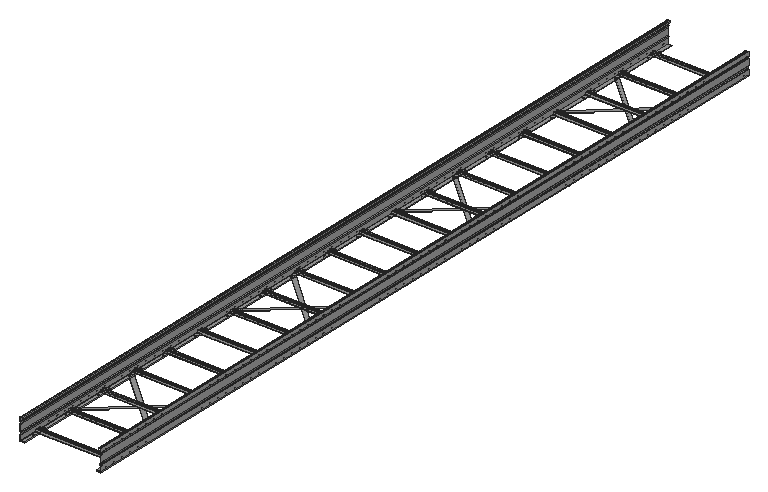
Revit family "WKLG 1660 03.09", category Generic Models, Revit 2017 (continued)
Dimensions and locks
  aligned and locked: Extrusion 162 to cut or joined group 1 (Extrusion 1, Extrusion 2, Extrusion 3, Extrusion 4, Extrusion 5, Extrusion 6, Extrusion 7, Extrusion 8, Extrusion 9, Extrusion 10, Extrusion 11, Extrusion 12, Extrusion 13, Extrusion 14, Extrusion 15, Extrusion 16, Extrusion 17, Extrusion 18, Extrusion 19, Extrusion 20, Extrusion 21, Extrusion 22, Extrusion 23, Extrusion 24, Extrusion 25, Extrusion 26, Extrusion 27, Extrusion 28, Extrusion 29, Extrusion 30, Extrusion 31, Extrusion 32, Extrusion 33, Extrusion 34, Extrusion 35, Extrusion 36, Extrusion 37, Extrusion 38, Extrusion 39, Extrusion 40, Extrusion 41, Extrusion 42, Extrusion 43, Extrusion 44, Extrusion 45, Extrusion 46, Extrusion 47, Extrusion 48, Extrusion 49, Extrusion 50, Extrusion 51, Extrusion 52, Extrusion 53, Extrusion 54, Extrusion 55, Extrusion 56, Extrusion 57, Extrusion 58, Extrusion 59, Extrusion 60, Extrusion 61, Extrusion 62, Extrusion 63, Extrusion 64, Extrusion 65, Extrusion 66, Extrusion 67, Extrusion 68, Extrusion 69, Extrusion 70, Extrusion 71, Extrusion 72, Extrusion 73, Extrusion 74, Extrusion 75, Extrusion 76, Extrusion 77, Extrusion 78, Extrusion 79, Extrusion 80, Extrusion 81, Extrusion 82, Extrusion 83, Extrusion 84, Extrusion 85, Extrusion 86, Extrusion 87, Extrusion 88, Extrusion 89, Extrusion 90, Extrusion 91, Extrusion 92, Extrusion 93, Extrusion 94, Extrusion 95, Extrusion 96, Extrusion 97, Extrusion 98, Extrusion 99, Extrusion 100, Extrusion 101, Extrusion 102, Extrusion 103, Extrusion 104, Extrusion 105, Extrusion 106, Extrusion 107, Extrusion 108, Extrusion 109, Extrusion 110, Extrusion 111, Extrusion 112, Extrusion 113, Extrusion 114, Extrusion 115, Extrusion 116, Extrusion 117, Extrusion 118, Extrusion 119, Extrusion 120, Extrusion 121, Extrusion 122, Extrusion 123, Extrusion 124, Extrusion 125, Extrusion 126, Extrusion 127, Extrusion 128, Extrusion 129, Extrusion 130, Extrusion 131, Extrusion 132, Extrusion 133, Extrusion 134, Extrusion 135, Extrusion 136, Extrusion 137, Extrusion 138, Extrusion 139, Extrusion 140, Extrusion 141, Extrusion 142, Extrusion 143, Extrusion 144, Extrusion 145, Extrusion 146, Extrusion 147, Extrusion 148, Extrusion 149, Extrusion 150, Extrusion 151, Extrusion 152, Extrusion 153, Extrusion 154, Extrusion 155, Extrusion 156, Extrusion 157, Extrusion 158, Extrusion 159, Extrusion 160, Extrusion 161, Extrusion 162, Extrusion 163, Extrusion 164, Extrusion 165, Extrusion 166, Extrusion 167, Extrusion 168, Extrusion 169, Extrusion 170, Extrusion 171, Extrusion 172, Extrusion 173, Extrusion 174, Extrusion 175, Extrusion 176, Extrusion 177, Extrusion 178, Extrusion 179, Extrusion 180, Extrusion 181, Extrusion 182, Extrusion 183, Extrusion 184, Extrusion 185, Extrusion 186, Extrusion 187, Extrusion 188, Extrusion 189, Extrusion 190, Extrusion 191, Extrusion 192, Extrusion 193, Extrusion 194, Extrusion 195, Extrusion 196, Extrusion 197, Extrusion 198, Extrusion 199, Extrusion 200, Extrusion 201, Extrusion 202, Extrusion 203, Extrusion 204, Extrusion 205, Extrusion 206, Extrusion 207, Extrusion 208, Extrusion 209, Extrusion 210, Extrusion 211, Extrusion 212, Extrusion 213, Extrusion 214, Extrusion 215, Extrusion 216, Extrusion 217, Extrusion 218, Extrusion 219, Extrusion 220, Extrusion 221, Extrusion 222, Extrusion 223, Extrusion 224, Extrusion 225, Extrusion 226, Extrusion 227, Extrusion 228, Extrusion 229, Extrusion 230, Extrusion 231, Extrusion 232, Extrusion 233, Extrusion 234, Extrusion 235, Extrusion 236, Extrusion 237, Extrusion 238, Extrusion 239, Extrusion 240, Extrusion 241, Extrusion 242, Extrusion 243, Extrusion 244, Extrusion 245, Extrusion 246, Extrusion 247, Extrusion 248, Extrusion 249, Extrusion 250, Extrusion 251, Extrusion 252, Extrusion 253, Extrusion 254, Extrusion 255, Extrusion 256, Extrusion 257, Extrusion 258, Extrusion 259, Extrusion 260, Extrusion 261, Extrusion 262, Extrusion 263, Extrusion 264, Extrusion 265, Extrusion 266, Extrusion 267, Extrusion 268, Extrusion 269, Extrusion 270, Extrusion 271, Extrusion 272, Extrusion 273, Extrusion 274, Extrusion 275, Extrusion 276, Extrusion 277, Extrusion 278, Extrusion 279, Extrusion 280, Extrusion 281, Extrusion 282, Extrusion 283, Extrusion 284, Extrusion 285, Extrusion 286, Extrusion 287, Extrusion 288, Extrusion 289, Extrusion 290, Extrusion 291, Extrusion 292, Extrusion 293, Extrusion 294, Extrusion 295, Extrusion 296, Extrusion 297, Extrusion 298, Extrusion 299, Extrusion 300, Extrusion 301, Extrusion 302, Extrusion 303, Extrusion 304, Extrusion 305, Extrusion 306, Extrusion 307, Extrusion 308, Extrusion 309, Extrusion 310, Extrusion 311, Extrusion 312, Extrusion 313, Extrusion 314, Extrusion 315, Extrusion 316, Extrusion 317, Extrusion 318, Extrusion 319, Extrusion 320, Extrusion 321, Extrusion 323, Extrusion 324, Extrusion 325, Extrusion 326, Extrusion 327, Extrusion 328, Extrusion 329, Extrusion 330, Extrusion 331, Extrusion 332, Extrusion 333, Extrusion 334, Extrusion 335, Extrusion 336, Extrusion 337, Extrusion 338, Extrusion 339, Extrusion 340, Extrusion 341, Extrusion 342, Extrusion 343, Extrusion 344, Extrusion 345, Extrusion 346, Extrusion 347, Extrusion 348, Extrusion 349, Extrusion 350, Extrusion 351, Extrusion 352, Extrusion 353, Extrusion 354, Extrusion 355, Extrusion 356, Extrusion 357, Extrusion 358, Extrusion 359, Extrusion 360, Extrusion 361, Extrusion 362, Extrusion 363, Extrusion 364, Extrusion 365, Extrusion 366, Extrusion 367, Extrusion 368, Extrusion 369, Extrusion 370, Extrusion 371, Extrusion 372, Extrusion 373, Extrusion 374, Extrusion 375, Extrusion 376, Extrusion 377, Extrusion 378, Extrusion 379, Extrusion 380, Extrusion 381, Extrusion 382, Extrusion 383, Extrusion 384, Extrusion 385, Extrusion 386, Extrusion 387, Extrusion 388, Extrusion 389, Extrusion 390, Extrusion 391, Extrusion 392, Extrusion 393, Extrusion 394, Extrusion 395, Extrusion 396, Extrusion 397, Extrusion 398, Extrusion 399, Extrusion 400, Extrusion 401, Extrusion 402, Extrusion 403, Extrusion 405, Extrusion 407, Extrusion 409, Extrusion 411, Extrusion 413, Extrusion 415, Extrusion 417, Extrusion 419, Extrusion 421, Extrusion 423, Extrusion 425, Extrusion 427, Extrusion 429, Extrusion 431, Extrusion 433, Extrusion 435, Extrusion 437, Extrusion 439, Extrusion 441, Extrusion 443)
  aligned and locked: cut or joined group 1 to Extrusion 242
  aligned and locked: Extrusion 322 sketch curve to Extrusion 322 sketch curve
  aligned and locked: Extrusion 322 to cut or joined group 1  (x2)
  aligned and locked: cut or joined group 1 to cut or joined group of Extrusion 1, Extrusion 2, Extrusion 3, Extrusion 4, Extrusion 5, Extrusion 6, Extrusion 7, Extrusion 8, Extrusion 9, Extrusion 10, Extrusion 11, Extrusion 12, Extrusion 13, Extrusion 14, Extrusion 15, Extrusion 16, Extrusion 17, Extrusion 18, Extrusion 19, Extrusion 20, Extrusion 21, Extrusion 22, Extrusion 23, Extrusion 24, Extrusion 25, Extrusion 26, Extrusion 27, Extrusion 28, Extrusion 29, Extrusion 30, Extrusion 31, Extrusion 32, Extrusion 33, Extrusion 34, Extrusion 35, Extrusion 36, Extrusion 37, Extrusion 38, Extrusion 39, Extrusion 40, Extrusion 41, Extrusion 42, Extrusion 43, Extrusion 44, Extrusion 45, Extrusion 46, Extrusion 47, Extrusion 48, Extrusion 49, Extrusion 50, Extrusion 51, Extrusion 52, Extrusion 53, Extrusion 54, Extrusion 55, Extrusion 56, Extrusion 57, Extrusion 58, Extrusion 59, Extrusion 60, Extrusion 61, Extrusion 62, Extrusion 63, Extrusion 64, Extrusion 65, Extrusion 66, Extrusion 67, Extrusion 68, Extrusion 69, Extrusion 70, Extrusion 71, Extrusion 72, Extrusion 73, Extrusion 74, Extrusion 75, Extrusion 76, Extrusion 77, Extrusion 78, Extrusion 79, Extrusion 80, Extrusion 81, Extrusion 82, Extrusion 83, Extrusion 84, Extrusion 85, Extrusion 86, Extrusion 87, Extrusion 88, Extrusion 89, Extrusion 90, Extrusion 91, Extrusion 92, Extrusion 93, Extrusion 94, Extrusion 95, Extrusion 96, Extrusion 97, Extrusion 98, Extrusion 99, Extrusion 100, Extrusion 101, Extrusion 102, Extrusion 103, Extrusion 104, Extrusion 105, Extrusion 106, Extrusion 107, Extrusion 108, Extrusion 109, Extrusion 110, Extrusion 111, Extrusion 112, Extrusion 113, Extrusion 114, Extrusion 115, Extrusion 116, Extrusion 117, Extrusion 118, Extrusion 119, Extrusion 120, Extrusion 121, E
    xtrusion 122, Extrusion 123, Extrusion 124, Extrusion 125, Extrusion 126, Extrusion 127, Extrusion 128, Extrusion 129, Extrusion 130, Extrusion 131, Extrusion 132, Extrusion 133, Extrusion 134, Extrusion 135, Extrusion 136, Extrusion 137, Extrusion 138, Extrusion 139, Extrusion 140, Extrusion 141, Extrusion 142, Extrusion 143, Extrusion 144, Extrusion 145, Extrusion 146, Extrusion 147, Extrusion 148, Extrusion 149, Extrusion 150, Extrusion 151, Extrusion 152, Extrusion 153, Extrusion 154, Extrusion 155, Extrusion 156, Extrusion 157, Extrusion 158, Extrusion 159, Extrusion 160, Extrusion 161, Extrusion 162, Extrusion 163, Extrusion 164, Extrusion 165, Extrusion 166, Extrusion 167, Extrusion 168, Extrusion 169, Extrusion 170, Extrusion 171, Extrusion 172, Extrusion 173, Extrusion 174, Extrusion 175, Extrusion 176, Extrusion 177, Extrusion 178, Extrusion 179, Extrusion 180, Extrusion 181, Extrusion 182, Extrusion 183, Extrusion 184, Extrusion 185, Extrusion 186, Extrusion 187, Extrusion 188, Extrusion 189, Extrusion 190, Extrusion 191, Extrusion 192, Extrusion 193, Extrusion 194, Extrusion 195, Extrusion 196, Extrusion 197, Extrusion 198, Extrusion 199, Extrusion 200, Extrusion 201, Extrusion 202, Extrusion 203, Extrusion 204, Extrusion 205, Extrusion 206, Extrusion 207, Extrusion 208, Extrusion 209, Extrusion 210, Extrusion 211, Extrusion 212, Extrusion 213, Extrusion 214, Extrusion 215, Extrusion 216, Extrusion 217, Extrusion 218, Extrusion 219, Extrusion 220, Extrusion 221, Extrusion 222, Extrusion 223, Extrusion 224, Extrusion 225, Extrusion 226, Extrusion 227, Extrusion 228, Extrusion 229, Extrusion 230, Extrusion 231, Extrusion 232, Extrusion 233, Extrusion 234, Extrusion 235, Extrusion 236, Extrusion 237, Extrusion 238, Extrusion 239, Extrusion 240, Extrusion 241, Extrusion 242, Extrusion 243, Extrusion 244, Extrusion 245, Extrusion 246, Extrusion 247, Extrusion 248, Extrusion 249, Extrusion 250, Extrusion 251, Extrusion 252, Extrusion 253, Extrusion 254, Extrusion 255, Extrusion 256, Extrusion 257, Extrusion 258, Extrusion 259, Extrusion 260, Extrusion 261, Extrusion 262, Extrusion 263, Extrusion 264, Extrusion 265, Extrusion 266, Extrusion 267, Extrusion 268, Extrusion 269, Extrusion 270, Extrusion 271, Extrusion 272, Extrusion 273, Extrusion 274, Extrusion 275, Extrusion 276, Extrusion 277, Extrusion 278, Extrusion 279, Extrusion 280, Extrusion 281, Extrusion 282, Extrusion 283, Extrusion 284, Extrusion 285, Extrusion 286, Extrusion 287, Extrusion 288, Extrusion 289, Extrusion 290, Extrusion 291, Extrusion 292, Extrusion 293, Extrusion 294, Extrusion 295, Extrusion 296, Extrusion 297, Extrusion 298, Extrusion 299, Extrusion 300, Extrusion 301, Extrusion 302, Extrusion 303, Extrusion 304, Extrusion 305, Extrusion 306, Extrusion 307, Extrusion 308, Extrusion 309, Extrusion 310, Extrusion 311, Extrusion 312, Extrusion 313, Extrusion 314, Extrusion 315, Extrusion 316, Extrusion 317, Extrusion 318, Extrusion 319, Extrusion 320, Extrusion 321, Extrusion 323, Extrusion 324, Extrusion 325, Extrusion 326, Extrusion 327, Extrusion 328, Extrusion 329, Extrusion 330, Extrusion 331, Extrusion 332, Extrusion 333, Extrusion 334, Extrusion 335, Extrusion 336, Extrusion 337, Extrusion 338, Extrusion 339, Extrusion 340, Extrusion 341, Extrusion 342, Extrusion 343, Extrusion 344, Extrusion 345, Extrusion 346, Extrusion 347, Extrusion 348, Extrusion 349, Extrusion 350, Extrusion 351, Extrusion 352, Extrusion 353, Extrusion 354, Extrusion 355, Extrusion 356, Extrusion 357, Extrusion 358, Extrusion 359, Extrusion 360, Extrusion 361, Extrusion 362, Extrusion 363, Extrusion 364, Extrusion 365, Extrusion 366, Extrusion 367, Extrusion 368, Extrusion 369, Extrusion 370, Extrusion 371, Extrusion 372, Extrusion 373, Extrusion 374, Extrusion 375, Extrusion 376, Extrusion 377, Extrusion 378, Extrusion 379, Extrusion 380, Extrusion 381, Extrusion 382, Extrusion 383, Extrusion 384, Extrusion 385, Extrusion 386, Extrusion 387, Extrusion 388, Extrusion 389, Extrusion 390, Extrusion 391, Extrusion 392, Extrusion 393, Extrusion 394, Extrusion 395, Extrusion 396, Extrusion 397, Extrusion 398, Extrusion 399, Extrusion 400, Extrusion 401, Extrusion 402, Extrusion 403, Extrusion 405, Extrusion 407, Extrusion 409, Extrusion 411, Extrusion 413, Extrusion 415, Extrusion 417, Extrusion 419, Extrusion 421, Extrusion 423, Extrusion 425, Extrusion 427, Extrusion 429, Extrusion 431, Extrusion 433, Extrusion 435, Extrusion 437, Extrusion 439, Extrusion 441, Extrusion 443  (x2)
  aligned and locked: Extrusion 404 sketch curve to Extrusion 404 sketch curve
  aligned and locked: cut or joined group of Extrusion 322, Extrusion 403, Extrusion 405, Extrusion 407 to cut or joined group of Extrusion 322, Extrusion 403, Extrusion 405, Extrusion 407  (x2)
  aligned and locked: Extrusion 406 sketch curve to Extrusion 406 sketch curve
  aligned and locked: Extrusion 408 sketch curve to Extrusion 408 sketch curve
  aligned and locked: Extrusion 410 sketch curve to Extrusion 410 sketch curve
  aligned and locked: Extrusion 412 sketch curve to Extrusion 412 sketch curve
  aligned and locked: Extrusion 414 sketch curve to Extrusion 414 sketch curve
  aligned and locked: Extrusion 416 sketch curve to Extrusion 416 sketch curve
  aligned and locked: Extrusion 418 sketch curve to Extrusion 418 sketch curve
  aligned and locked: Extrusion 420 sketch curve to Extrusion 420 sketch curve
  aligned and locked: Extrusion 422 sketch curve to Extrusion 422 sketch curve
  aligned and locked: Extrusion 424 sketch curve to Extrusion 424 sketch curve
  aligned and locked: Extrusion 426 sketch curve to Extrusion 426 sketch curve
  aligned and locked: Extrusion 428 sketch curve to Extrusion 428 sketch curve
  aligned and locked: Extrusion 430 sketch curve to Extrusion 430 sketch curve
  aligned and locked: Extrusion 432 sketch curve to Extrusion 432 sketch curve
  aligned and locked: Extrusion 434 sketch curve to Extrusion 434 sketch curve
  aligned and locked: Extrusion 436 sketch curve to Extrusion 436 sketch curve
  aligned and locked: Extrusion 438 sketch curve to Extrusion 438 sketch curve
  aligned and locked: Extrusion 440 sketch curve to Extrusion 440 sketch curve
  aligned and locked: Extrusion 442 sketch curve to Extrusion 442 sketch curve
  aligned and locked: Extrusion 444 to cut or joined group 1
  aligned and locked: Extrusion 445 to Extrusion 444
  aligned and locked: Extrusion 447 to Extrusion 446
  aligned and locked: Extrusion 449 to Extrusion 448
  aligned and locked: Extrusion 451 to Extrusion 450
Automatic sketch dimensions
  Extrusion 2 sketch curve to Extrusion 2 sketch curve = 0.5 mm  (x4)
  Extrusion 3 sketch curve to Extrusion 3 sketch curve = 0.5 mm  (x4)
  Extrusion 4 sketch curve to Extrusion 4 sketch curve = 0.5 mm  (x4)
  Extrusion 5 sketch curve to Extrusion 5 sketch curve = 0.5 mm  (x4)
  Extrusion 6 sketch curve to Extrusion 6 sketch curve = 0.5 mm  (x4)
  Extrusion 7 sketch curve to Extrusion 7 sketch curve = 0.5 mm  (x4)
  Extrusion 8 sketch curve to Extrusion 8 sketch curve = 0.5 mm  (x4)
  Extrusion 9 sketch curve to Extrusion 9 sketch curve = 0.5 mm  (x4)
  Extrusion 10 sketch curve to Extrusion 10 sketch curve = 0.5 mm  (x4)
  Extrusion 11 sketch curve to Extrusion 11 sketch curve = 0.5 mm  (x4)
  Extrusion 12 sketch curve to Extrusion 12 sketch curve = 0.5 mm  (x4)
  Extrusion 13 sketch curve to Extrusion 13 sketch curve = 0.5 mm  (x4)
  Extrusion 14 sketch curve to Extrusion 14 sketch curve = 0.5 mm  (x4)
  Extrusion 15 sketch curve to Extrusion 15 sketch curve = 0.5 mm  (x4)
  Extrusion 16 sketch curve to Extrusion 16 sketch curve = 0.5 mm  (x4)
  Extrusion 17 sketch curve to Extrusion 17 sketch curve = 0.5 mm  (x4)
  Extrusion 18 sketch curve to Extrusion 18 sketch curve = 0.5 mm  (x4)
  Extrusion 19 sketch curve to Extrusion 19 sketch curve = 0.5 mm  (x4)
  Extrusion 20 sketch curve to Extrusion 20 sketch curve = 0.5 mm  (x4)
  Extrusion 21 sketch curve to Extrusion 21 sketch curve = 0.5 mm  (x4)
  Extrusion 22 sketch curve to Extrusion 22 sketch curve = 0.5 mm  (x4)
  Extrusion 23 sketch curve to Extrusion 23 sketch curve = 0.5 mm  (x4)
  Extrusion 24 sketch curve to Extrusion 24 sketch curve = 0.5 mm  (x4)
  Extrusion 25 sketch curve to Extrusion 25 sketch curve = 0.5 mm  (x4)
  Extrusion 26 sketch curve to Extrusion 26 sketch curve = 0.5 mm  (x4)
  Extrusion 27 sketch curve to Extrusion 27 sketch curve = 0.5 mm  (x4)
  Extrusion 28 sketch curve to Extrusion 28 sketch curve = 0.5 mm  (x4)
  Extrusion 29 sketch curve to Extrusion 29 sketch curve = 0.5 mm  (x4)
  Extrusion 30 sketch curve to Extrusion 30 sketch curve = 0.5 mm  (x4)
  Extrusion 31 sketch curve to Extrusion 31 sketch curve = 0.5 mm  (x4)
  Extrusion 32 sketch curve to Extrusion 32 sketch curve = 0.5 mm  (x4)
  Extrusion 33 sketch curve to Extrusion 33 sketch curve = 0.5 mm  (x4)
  Extrusion 34 sketch curve to Extrusion 34 sketch curve = 0.5 mm  (x4)
  Extrusion 35 sketch curve to Extrusion 35 sketch curve = 0.5 mm  (x4)
  Extrusion 36 sketch curve to Extrusion 36 sketch curve = 0.5 mm  (x4)
  Extrusion 37 sketch curve to Extrusion 37 sketch curve = 0.5 mm  (x4)
  Extrusion 38 sketch curve to Extrusion 38 sketch curve = 0.5 mm  (x4)
  Extrusion 39 sketch curve to Extrusion 39 sketch curve = 0.5 mm  (x4)
  Extrusion 40 sketch curve to Extrusion 40 sketch curve = 0.5 mm  (x4)
  Extrusion 41 sketch curve to Extrusion 41 sketch curve = 0.5 mm  (x4)
  Extrusion 42 sketch curve to Extrusion 42 sketch curve = 0.5 mm  (x4)
  Extrusion 43 sketch curve to Extrusion 43 sketch curve = 0.5 mm  (x4)
  Extrusion 44 sketch curve to Extrusion 44 sketch curve = 0.5 mm  (x4)
  Extrusion 45 sketch curve to Extrusion 45 sketch curve = 0.5 mm  (x4)
  Extrusion 46 sketch curve to Extrusion 46 sketch curve = 0.5 mm  (x4)
  Extrusion 47 sketch curve to Extrusion 47 sketch curve = 0.5 mm  (x4)
  Extrusion 48 sketch curve to Extrusion 48 sketch curve = 0.5 mm  (x4)
  Extrusion 49 sketch curve to Extrusion 49 sketch curve = 0.5 mm  (x4)
  Extrusion 50 sketch curve to Extrusion 50 sketch curve = 0.5 mm  (x4)
  Extrusion 51 sketch curve to Extrusion 51 sketch curve = 0.5 mm  (x4)
  Extrusion 52 sketch curve to Extrusion 52 sketch curve = 0.5 mm  (x4)
  Extrusion 53 sketch curve to Extrusion 53 sketch curve = 0.5 mm  (x4)
  Extrusion 54 sketch curve to Extrusion 54 sketch curve = 0.5 mm  (x4)
  Extrusion 55 sketch curve to Extrusion 55 sketch curve = 0.5 mm  (x4)
  Extrusion 56 sketch curve to Extrusion 56 sketch curve = 0.5 mm  (x4)
  Extrusion 57 sketch curve to Extrusion 57 sketch curve = 0.5 mm  (x4)
  Extrusion 58 sketch curve to Extrusion 58 sketch curve = 0.5 mm  (x4)
  Extrusion 59 sketch curve to Extrusion 59 sketch curve = 0.5 mm  (x4)
  Extrusion 60 sketch curve to Extrusion 60 sketch curve = 0.5 mm  (x4)
  Extrusion 61 sketch curve to Extrusion 61 sketch curve = 0.5 mm  (x4)
  Extrusion 62 sketch curve to Extrusion 62 sketch curve = 0.5 mm  (x4)
  Extrusion 63 sketch curve to Extrusion 63 sketch curve = 0.5 mm  (x4)
  Extrusion 64 sketch curve to Extrusion 64 sketch curve = 0.5 mm  (x4)
  Extrusion 65 sketch curve to Extrusion 65 sketch curve = 0.5 mm  (x4)
  Extrusion 66 sketch curve to Extrusion 66 sketch curve = 0.5 mm  (x4)
  Extrusion 67 sketch curve to Extrusion 67 sketch curve = 0.5 mm  (x4)
  Extrusion 68 sketch curve to Extrusion 68 sketch curve = 0.5 mm  (x4)
  Extrusion 69 sketch curve to Extrusion 69 sketch curve = 0.5 mm  (x4)
  Extrusion 70 sketch curve to Extrusion 70 sketch curve = 0.5 mm  (x4)
  Extrusion 71 sketch curve to Extrusion 71 sketch curve = 0.5 mm  (x4)
  Extrusion 72 sketch curve to Extrusion 72 sketch curve = 0.5 mm  (x4)
  Extrusion 73 sketch curve to Extrusion 73 sketch curve = 0.5 mm  (x4)
  Extrusion 74 sketch curve to Extrusion 74 sketch curve = 0.5 mm  (x4)
  Extrusion 75 sketch curve to Extrusion 75 sketch curve = 0.5 mm  (x4)
  Extrusion 76 sketch curve to Extrusion 76 sketch curve = 0.5 mm  (x4)
  Extrusion 77 sketch curve to Extrusion 77 sketch curve = 0.5 mm  (x4)
  Extrusion 78 sketch curve to Extrusion 78 sketch curve = 0.5 mm  (x4)
  Extrusion 79 sketch curve to Extrusion 79 sketch curve = 0.5 mm  (x4)
  Extrusion 80 sketch curve to Extrusion 80 sketch curve = 0.5 mm  (x4)
  Extrusion 81 sketch curve to Extrusion 81 sketch curve = 0.5 mm  (x4)
  Extrusion 82 sketch curve to Extrusion 82 sketch curve = 0.505 mm
  Extrusion 82 sketch curve to Extrusion 82 sketch curve = 0.52 mm
  Extrusion 82 sketch curve to Extrusion 82 sketch curve = 0.5 mm  (x2)
  Extrusion 83 sketch curve to Extrusion 83 sketch curve = 0.505 mm
  Extrusion 83 sketch curve to Extrusion 83 sketch curve = 0.52 mm
  Extrusion 83 sketch curve to Extrusion 83 sketch curve = 0.5 mm  (x2)
  Extrusion 84 sketch curve to Extrusion 84 sketch curve = 0.505 mm
  Extrusion 84 sketch curve to Extrusion 84 sketch curve = 0.52 mm
  Extrusion 84 sketch curve to Extrusion 84 sketch curve = 0.5 mm  (x2)
  Extrusion 85 sketch curve to Extrusion 85 sketch curve = 0.505 mm
  Extrusion 85 sketch curve to Extrusion 85 sketch curve = 0.52 mm
  Extrusion 85 sketch curve to Extrusion 85 sketch curve = 0.5 mm  (x2)
  Extrusion 86 sketch curve to Extrusion 86 sketch curve = 0.505 mm
  Extrusion 86 sketch curve to Extrusion 86 sketch curve = 0.52 mm
  Extrusion 86 sketch curve to Extrusion 86 sketch curve = 0.5 mm  (x2)
  Extrusion 87 sketch curve to Extrusion 87 sketch curve = 0.505 mm
  Extrusion 87 sketch curve to Extrusion 87 sketch curve = 0.52 mm
  Extrusion 87 sketch curve to Extrusion 87 sketch curve = 0.5 mm  (x2)
  Extrusion 88 sketch curve to Extrusion 88 sketch curve = 0.505 mm
  Extrusion 88 sketch curve to Extrusion 88 sketch curve = 0.52 mm
  Extrusion 88 sketch curve to Extrusion 88 sketch curve = 0.5 mm  (x2)
  Extrusion 89 sketch curve to Extrusion 89 sketch curve = 0.505 mm
  Extrusion 89 sketch curve to Extrusion 89 sketch curve = 0.52 mm
  Extrusion 89 sketch curve to Extrusion 89 sketch curve = 0.5 mm  (x2)
  Extrusion 90 sketch curve to Extrusion 90 sketch curve = 0.505 mm
  Extrusion 90 sketch curve to Extrusion 90 sketch curve = 0.52 mm
  Extrusion 90 sketch curve to Extrusion 90 sketch curve = 0.5 mm  (x2)
  Extrusion 91 sketch curve to Extrusion 91 sketch curve = 0.505 mm
  Extrusion 91 sketch curve to Extrusion 91 sketch curve = 0.52 mm
  Extrusion 91 sketch curve to Extrusion 91 sketch curve = 0.5 mm  (x2)
  Extrusion 92 sketch curve to Extrusion 92 sketch curve = 0.505 mm
  Extrusion 92 sketch curve to Extrusion 92 sketch curve = 0.52 mm
  Extrusion 92 sketch curve to Extrusion 92 sketch curve = 0.5 mm  (x2)
  Extrusion 93 sketch curve to Extrusion 93 sketch curve = 0.505 mm
  Extrusion 93 sketch curve to Extrusion 93 sketch curve = 0.52 mm
  Extrusion 93 sketch curve to Extrusion 93 sketch curve = 0.5 mm  (x2)
  Extrusion 94 sketch curve to Extrusion 94 sketch curve = 0.505 mm
  Extrusion 94 sketch curve to Extrusion 94 sketch curve = 0.52 mm
  Extrusion 94 sketch curve to Extrusion 94 sketch curve = 0.5 mm  (x2)
  Extrusion 95 sketch curve to Extrusion 95 sketch curve = 0.505 mm
  Extrusion 95 sketch curve to Extrusion 95 sketch curve = 0.52 mm
  Extrusion 95 sketch curve to Extrusion 95 sketch curve = 0.5 mm  (x2)
  Extrusion 96 sketch curve to Extrusion 96 sketch curve = 0.505 mm
  Extrusion 96 sketch curve to Extrusion 96 sketch curve = 0.52 mm
  Extrusion 96 sketch curve to Extrusion 96 sketch curve = 0.5 mm  (x2)
  Extrusion 97 sketch curve to Extrusion 97 sketch curve = 0.505 mm
  Extrusion 97 sketch curve to Extrusion 97 sketch curve = 0.52 mm
  Extrusion 97 sketch curve to Extrusion 97 sketch curve = 0.5 mm  (x2)
  Extrusion 98 sketch curve to Extrusion 98 sketch curve = 0.505 mm
  Extrusion 98 sketch curve to Extrusion 98 sketch curve = 0.52 mm
  Extrusion 98 sketch curve to Extrusion 98 sketch curve = 0.5 mm  (x2)
  Extrusion 99 sketch curve to Extrusion 99 sketch curve = 0.505 mm
  Extrusion 99 sketch curve to Extrusion 99 sketch curve = 0.52 mm
  Extrusion 99 sketch curve to Extrusion 99 sketch curve = 0.5 mm  (x2)
  Extrusion 100 sketch curve to Extrusion 100 sketch curve = 0.505 mm
  Extrusion 100 sketch curve to Extrusion 100 sketch curve = 0.52 mm
  Extrusion 100 sketch curve to Extrusion 100 sketch curve = 0.5 mm  (x2)
  Extrusion 101 sketch curve to Extrusion 101 sketch curve = 0.505 mm
  Extrusion 101 sketch curve to Extrusion 101 sketch curve = 0.52 mm
  Extrusion 101 sketch curve to Extrusion 101 sketch curve = 0.5 mm  (x2)
  Extrusion 102 sketch curve to Extrusion 102 sketch curve = 0.505 mm
  Extrusion 102 sketch curve to Extrusion 102 sketch curve = 0.52 mm
  Extrusion 102 sketch curve to Extrusion 102 sketch curve = 0.5 mm  (x2)
  Extrusion 103 sketch curve to Extrusion 103 sketch curve = 0.505 mm
  Extrusion 103 sketch curve to Extrusion 103 sketch curve = 0.52 mm
  Extrusion 103 sketch curve to Extrusion 103 sketch curve = 0.5 mm  (x2)
  Extrusion 104 sketch curve to Extrusion 104 sketch curve = 0.505 mm
  Extrusion 104 sketch curve to Extrusion 104 sketch curve = 0.52 mm
  Extrusion 104 sketch curve to Extrusion 104 sketch curve = 0.5 mm  (x2)
  Extrusion 105 sketch curve to Extrusion 105 sketch curve = 0.505 mm
  Extrusion 105 sketch curve to Extrusion 105 sketch curve = 0.52 mm
  Extrusion 105 sketch curve to Extrusion 105 sketch curve = 0.5 mm  (x2)
  Extrusion 106 sketch curve to Extrusion 106 sketch curve = 0.505 mm
  Extrusion 106 sketch curve to Extrusion 106 sketch curve = 0.52 mm
  Extrusion 106 sketch curve to Extrusion 106 sketch curve = 0.5 mm  (x2)
  Extrusion 107 sketch curve to Extrusion 107 sketch curve = 0.505 mm
  Extrusion 107 sketch curve to Extrusion 107 sketch curve = 0.52 mm
  Extrusion 107 sketch curve to Extrusion 107 sketch curve = 0.5 mm  (x2)
  Extrusion 108 sketch curve to Extrusion 108 sketch curve = 0.505 mm
  Extrusion 108 sketch curve to Extrusion 108 sketch curve = 0.52 mm
  Extrusion 108 sketch curve to Extrusion 108 sketch curve = 0.5 mm  (x2)
  Extrusion 109 sketch curve to Extrusion 109 sketch curve = 0.505 mm
  Extrusion 109 sketch curve to Extrusion 109 sketch curve = 0.52 mm
  Extrusion 109 sketch curve to Extrusion 109 sketch curve = 0.5 mm  (x2)
  Extrusion 110 sketch curve to Extrusion 110 sketch curve = 0.505 mm
  Extrusion 110 sketch curve to Extrusion 110 sketch curve = 0.52 mm
  Extrusion 110 sketch curve to Extrusion 110 sketch curve = 0.5 mm  (x2)
  Extrusion 111 sketch curve to Extrusion 111 sketch curve = 0.505 mm
  Extrusion 111 sketch curve to Extrusion 111 sketch curve = 0.52 mm
  Extrusion 111 sketch curve to Extrusion 111 sketch curve = 0.5 mm  (x2)
  Extrusion 112 sketch curve to Extrusion 112 sketch curve = 0.505 mm
  Extrusion 112 sketch curve to Extrusion 112 sketch curve = 0.52 mm
  Extrusion 112 sketch curve to Extrusion 112 sketch curve = 0.5 mm  (x2)
  Extrusion 113 sketch curve to Extrusion 113 sketch curve = 0.505 mm
  Extrusion 113 sketch curve to Extrusion 113 sketch curve = 0.52 mm
  Extrusion 113 sketch curve to Extrusion 113 sketch curve = 0.5 mm  (x2)
  Extrusion 114 sketch curve to Extrusion 114 sketch curve = 0.505 mm
  Extrusion 114 sketch curve to Extrusion 114 sketch curve = 0.52 mm
  Extrusion 114 sketch curve to Extrusion 114 sketch curve = 0.5 mm  (x2)
  Extrusion 115 sketch curve to Extrusion 115 sketch curve = 0.505 mm
  Extrusion 115 sketch curve to Extrusion 115 sketch curve = 0.52 mm
  Extrusion 115 sketch curve to Extrusion 115 sketch curve = 0.5 mm  (x2)
  Extrusion 116 sketch curve to Extrusion 116 sketch curve = 0.505 mm
  Extrusion 116 sketch curve to Extrusion 116 sketch curve = 0.52 mm
  Extrusion 116 sketch curve to Extrusion 116 sketch curve = 0.5 mm  (x2)
  Extrusion 117 sketch curve to Extrusion 117 sketch curve = 0.505 mm
  Extrusion 117 sketch curve to Extrusion 117 sketch curve = 0.52 mm
  Extrusion 117 sketch curve to Extrusion 117 sketch curve = 0.5 mm  (x2)
  Extrusion 118 sketch curve to Extrusion 118 sketch curve = 0.505 mm
  Extrusion 118 sketch curve to Extrusion 118 sketch curve = 0.52 mm
  Extrusion 118 sketch curve to Extrusion 118 sketch curve = 0.5 mm  (x2)
  Extrusion 119 sketch curve to Extrusion 119 sketch curve = 0.505 mm
  Extrusion 119 sketch curve to Extrusion 119 sketch curve = 0.52 mm
  Extrusion 119 sketch curve to Extrusion 119 sketch curve = 0.5 mm  (x2)
  Extrusion 120 sketch curve to Extrusion 120 sketch curve = 0.505 mm
  Extrusion 120 sketch curve to Extrusion 120 sketch curve = 0.52 mm
  Extrusion 120 sketch curve to Extrusion 120 sketch curve = 0.5 mm  (x2)
  Extrusion 121 sketch curve to Extrusion 121 sketch curve = 0.505 mm
  Extrusion 121 sketch curve to Extrusion 121 sketch curve = 0.52 mm
  Extrusion 121 sketch curve to Extrusion 121 sketch curve = 0.5 mm  (x2)
  Extrusion 122 sketch curve to Extrusion 122 sketch curve = 0.505 mm
  Extrusion 122 sketch curve to Extrusion 122 sketch curve = 0.52 mm
  Extrusion 122 sketch curve to Extrusion 122 sketch curve = 0.5 mm  (x2)
  Extrusion 123 sketch curve to Extrusion 123 sketch curve = 0.505 mm
  Extrusion 123 sketch curve to Extrusion 123 sketch curve = 0.52 mm
  Extrusion 123 sketch curve to Extrusion 123 sketch curve = 0.5 mm  (x2)
  Extrusion 124 sketch curve to Extrusion 124 sketch curve = 0.505 mm
  Extrusion 124 sketch curve to Extrusion 124 sketch curve = 0.52 mm
  Extrusion 124 sketch curve to Extrusion 124 sketch curve = 0.5 mm  (x2)
  Extrusion 125 sketch curve to Extrusion 125 sketch curve = 0.505 mm
  Extrusion 125 sketch curve to Extrusion 125 sketch curve = 0.52 mm
  Extrusion 125 sketch curve to Extrusion 125 sketch curve = 0.5 mm  (x2)
  Extrusion 126 sketch curve to Extrusion 126 sketch curve = 0.505 mm
  Extrusion 126 sketch curve to Extrusion 126 sketch curve = 0.52 mm
  Extrusion 126 sketch curve to Extrusion 126 sketch curve = 0.5 mm  (x2)
  Extrusion 127 sketch curve to Extrusion 127 sketch curve = 0.505 mm
  Extrusion 127 sketch curve to Extrusion 127 sketch curve = 0.52 mm
  Extrusion 127 sketch curve to Extrusion 127 sketch curve = 0.5 mm  (x2)
  Extrusion 128 sketch curve to Extrusion 128 sketch curve = 0.505 mm
  Extrusion 128 sketch curve to Extrusion 128 sketch curve = 0.52 mm
  Extrusion 128 sketch curve to Extrusion 128 sketch curve = 0.5 mm  (x2)
  Extrusion 129 sketch curve to Extrusion 129 sketch curve = 0.505 mm
  Extrusion 129 sketch curve to Extrusion 129 sketch curve = 0.52 mm
  Extrusion 129 sketch curve to Extrusion 129 sketch curve = 0.5 mm  (x2)
  Extrusion 130 sketch curve to Extrusion 130 sketch curve = 0.505 mm
  Extrusion 130 sketch curve to Extrusion 130 sketch curve = 0.52 mm
  Extrusion 130 sketch curve to Extrusion 130 sketch curve = 0.5 mm  (x2)
  Extrusion 131 sketch curve to Extrusion 131 sketch curve = 0.505 mm
  Extrusion 131 sketch curve to Extrusion 131 sketch curve = 0.52 mm
  Extrusion 131 sketch curve to Extrusion 131 sketch curve = 0.5 mm  (x2)
  Extrusion 132 sketch curve to Extrusion 132 sketch curve = 0.505 mm
  Extrusion 132 sketch curve to Extrusion 132 sketch curve = 0.52 mm
  Extrusion 132 sketch curve to Extrusion 132 sketch curve = 0.5 mm  (x2)
  Extrusion 133 sketch curve to Extrusion 133 sketch curve = 0.505 mm
  Extrusion 133 sketch curve to Extrusion 133 sketch curve = 0.52 mm
  Extrusion 133 sketch curve to Extrusion 133 sketch curve = 0.5 mm  (x2)
  Extrusion 134 sketch curve to Extrusion 134 sketch curve = 0.505 mm
  Extrusion 134 sketch curve to Extrusion 134 sketch curve = 0.52 mm
  Extrusion 134 sketch curve to Extrusion 134 sketch curve = 0.5 mm  (x2)
  Extrusion 135 sketch curve to Extrusion 135 sketch curve = 0.505 mm
  Extrusion 135 sketch curve to Extrusion 135 sketch curve = 0.52 mm
  Extrusion 135 sketch curve to Extrusion 135 sketch curve = 0.5 mm  (x2)
  Extrusion 136 sketch curve to Extrusion 136 sketch curve = 0.505 mm
  Extrusion 136 sketch curve to Extrusion 136 sketch curve = 0.52 mm
  Extrusion 136 sketch curve to Extrusion 136 sketch curve = 0.5 mm  (x2)
  Extrusion 137 sketch curve to Extrusion 137 sketch curve = 0.505 mm
